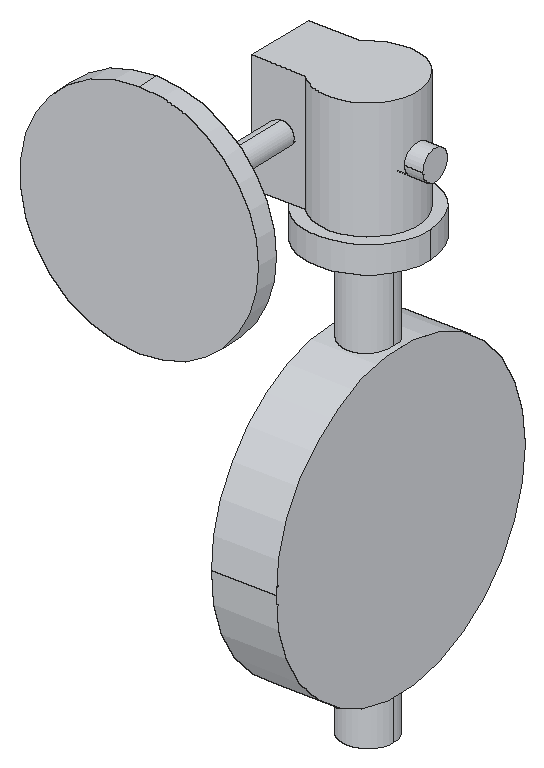
Revit family "HS497-67_disk-litina-převodové kolo DN250-RFA_2018", category Pipe Accessories, Revit 2018
Family settings
  Round Connector Dimension = Use Diameter
  Part Type = Valve - Breaks Into
  Work Plane-Based = No
  Always vertical = Yes
  Cut with Voids When Loaded = No
  Shared = No
Parameters (values of type "HS 497-67_DN250_PN16_převodové kolo")
  magiProductId = "5ee9016806664ddfaa2632711f295c"
  magiProductFamilyId = "53cea81e6f374d17b8841d9c72ad77"
  magiPartTypeId = 305
  isMeasuringValve [instance] = no
  ang2D [instance] = 0.00°
  X11 = 88.77 mm
  X1 = 36.77 mm
  W2D = 1000 mm
  VersionID = "2.0/2017.9.26.1/ZETKAMA_497_001"
  Use Minimum Symbol Size [instance] = yes
  URL = "http://www.hydronic.cz"
  Type Comments = "mezipřírubová; litinový disk; PN16; -10~+110°C (krátkodobě +120°C)"
  SW30 = yes
  SW3 = yes
  SW21 = no
  SW20 = no
  SW2 = no
  SW1 = no
  R = 125 mm
  QmdConnectorList = "301;D;302;D"
  Productdata [instance] = ""
  NC = 70 mm
  Model = ""
  Manufacturer = "Hydronic Systems Prague s.r.o."
  MM20 = 36.77 mm
  MC Product Code = "125 250 (litinový disk, s převodovým kolem; DN250; PN16, kvs4555)"
  M41 = 91.5 mm
  M4 = 61 mm
  LHL = 220 mm
  LHH3 = 2.45 mm
  LHH1 = 46.55 mm
  LH1 = 73.333 mm
  L4R__ve = -L4R  # -22.2 mm
  L4R = 22.2 mm
  L42__ve = -L42  # -166.5 mm
  L42 = 166.5 mm
  L41__ve = -L41  # -33.3 mm
  L41 = 33.3 mm
  L2D_Min = 3048 mm
  L2D = 216 mm
  L2 = 34 mm
  L1 = 54.4 mm
  L = 68 mm
  H = 23 mm
  G22 = 11.25 mm
  G2 = 22.5 mm
  G1 = 90 mm
  G = 130 mm
  F = 22 mm
  E44 = 62.5 mm
  E42 = 125 mm
  E4 = 250 mm
  E23 = 4.9 mm
  E22 = 19.6 mm
  E21 = 9.8 mm
  Description = "Mezipřírubová uzavírací klapka s převodovým kolem; litinový disk, DN250; PN16; kvs4555"
  DR2 = 125 mm
  DR = 324 mm
  DD1 = 31.25 mm
  DD = 25 mm
  D = 250 mm
  CAT0 = yes
  B2__ve = -B2  # -85 mm
  B2 = 85 mm
  A2 = 28.25 mm
  A1 = 129.25 mm
Types (43, lengths in mm): name | magiProductId | X11 | X1 | Type Comments | SW30 | SW3 | SW20 | SW2 | SW1 | R | NC | MM20 | MC Product Code | M41 | M4 | LHL | LHH3 | LHH1 | LH1 | L4R__ve | L4R | L42__ve | L42 | L41__ve | L41 | L2 | L1 | L | H | G | F | E44 | E42 | E4 | E23 | E22 | E21 | Description | DR2 | DR | DD1 | DD | D | B2__ve | B2 | A2 | A1
  HS 497-67_DN100_PN16_volné vřeteno | "65d1b245f4f142c78569c0602d5754" | 61.456 | 25.456 | "mezipřírubová; litinový disk; PN16; -10~+110°C (krátkodobě +120°C)" | no | no | no | no | yes | 50 | 50 | 25.456 | "123 100 (litinový disk, s volným vřetenem; DN100; PN16, kvs512)" | 66 | 44 | 220 | 2.45 | 46.55 | 73.333 | -12.8 | 12.8 | -96 | 96 | -19.2 | 19.2 | 26 | 41.6 | 52 | 30 | 90 | 11 | 31.25 | 62.5 | 125 | 4.9 | 19.6 | 9.8 | "Mezipřírubová uzavírací klapka s volným vřetenem; litinový disk, DN100; PN16; kvs512" | 50 | 147 | 15.625 | 12.5 | 100 | -56 | 56 | 16.5 | 98.5
  HS 497-67_DN100_PN16_převodové kolo | "11e91b807e674d428c8e796fcdcfe2" | 61.456 | 25.456 | "mezipřírubová; litinový disk; PN16; -10~+110°C (krátkodobě +120°C)" | yes | yes | no | no | no | 50 | 50 | 25.456 | "125 100 (litinový disk, s převodovým kolem; DN100; PN16, kvs512)" | 65.25 | 43.5 | 220 | 2.45 | 46.55 | 73.333 | -12.8 | 12.8 | -96 | 96 | -19.2 | 19.2 | 26 | 41.6 | 52 | 30 | 90 | 11 | 31.25 | 62.5 | 125 | 4.9 | 19.6 | 9.8 | "Mezipřírubová uzavírací klapka s převodovým kolem; litinový disk, DN100; PN16; kvs512" | 50 | 147 | 15.625 | 12.5 | 100 | -56 | 56 | 16.5 | 98.5
  HS 497-67_DN100_PN16_s pákou | "28172f0b3f4b47b28323ac71cf8749" | 61.456 | 25.456 | "mezipřírubová; litinový disk; PN16; -10~+110°C (krátkodobě +120°C)" | no | no | yes | yes | no | 50 | 50 | 25.456 | "120 100 (litinový disk, s pákou; DN100; PN16, kvs512)" | 66 | 44 | 260 | 3 | 57 | 86.667 | -12.8 | 12.8 | -96 | 96 | -19.2 | 19.2 | 26 | 41.6 | 52 | 30 | 90 | 11 | 31.25 | 62.5 | 125 | 6 | 24 | 12 | "Mezipřírubová uzavírací klapka s pákou; litinový disk, DN100; PN16; kvs512" | 50 | 147 | 15.625 | 12.5 | 100 | -56 | 56 | 16.5 | 98.5
  HS 497-67_DN125_PN16_volné vřeteno | "0d813d910fc14f628bb3c2efbd185c" | 61.456 | 25.456 | "mezipřírubová; litinový disk; PN16; -10~+110°C (krátkodobě +120°C)" | no | no | no | no | yes | 62.5 | 50 | 25.456 | "123 125 (litinový disk, s volným vřetenem; DN125; PN16, kvs872)" | 66 | 44 | 220 | 2.45 | 46.55 | 73.333 | -12.8 | 12.8 | -96 | 96 | -19.2 | 19.2 | 28 | 44.8 | 56 | 33 | 90 | 14 | 31.25 | 62.5 | 125 | 4.9 | 19.6 | 9.8 | "Mezipřírubová uzavírací klapka s volným vřetenem; litinový disk, DN125; PN16; kvs872" | 62.5 | 180 | 15.625 | 12.5 | 125 | -64 | 64 | 18 | 99.5
  HS 497-67_DN125_PN16_převodové kolo | "c56b7c13f372467684996fb1e0e229" | 61.456 | 25.456 | "mezipřírubová; litinový disk; PN16; -10~+110°C (krátkodobě +120°C)" | yes | yes | no | no | no | 62.5 | 50 | 25.456 | "125 125 (litinový disk, s převodovým kolem; DN125; PN16, kvs872)" | 65.25 | 43.5 | 220 | 2.45 | 46.55 | 73.333 | -13.5 | 13.5 | -101.25 | 101.25 | -20.25 | 20.25 | 28 | 44.8 | 56 | 33 | 90 | 14 | 40 | 80 | 160 | 4.9 | 19.6 | 9.8 | "Mezipřírubová uzavírací klapka s převodovým kolem; litinový disk, DN125; PN16; kvs872" | 62.5 | 180 | 20 | 16 | 125 | -64 | 64 | 18 | 99.5
  HS 497-67_DN125_PN16_s pákou | "105993c79a91492399feef7931321a" | 61.456 | 25.456 | "mezipřírubová; litinový disk; PN16; -10~+110°C (krátkodobě +120°C)" | no | no | yes | yes | no | 62.5 | 50 | 25.456 | "120 125 (litinový disk, s pákou; DN125; PN16, kvs872)" | 66 | 44 | 315 | 3.75 | 71.25 | 105 | -12.8 | 12.8 | -96 | 96 | -19.2 | 19.2 | 28 | 44.8 | 56 | 33 | 90 | 14 | 31.25 | 62.5 | 125 | 7.5 | 30 | 15 | "Mezipřírubová uzavírací klapka s pákou; litinový disk, DN125; PN16; kvs872" | 62.5 | 180 | 15.625 | 12.5 | 125 | -64 | 64 | 18 | 99.5
  HS 497-67_DN150_PN16_volné vřeteno | "50c80cb8ab434f55ab7796e5ac1331" | 61.456 | 25.456 | "mezipřírubová; litinový disk; PN16; -10~+110°C (krátkodobě +120°C)" | no | no | no | no | yes | 75 | 50 | 25.456 | "123 150 (litinový disk, s volným vřetenem; DN150; PN16, kvs1347)" | 66 | 44 | 220 | 2.45 | 46.55 | 73.333 | -12.8 | 12.8 | -96 | 96 | -19.2 | 19.2 | 28 | 44.8 | 56 | 33 | 90 | 14 | 31.25 | 62.5 | 125 | 4.9 | 19.6 | 9.8 | "Mezipřírubová uzavírací klapka s volným vřetenem; litinový disk, DN150; PN16; kvs1347" | 75 | 206 | 15.625 | 12.5 | 150 | -58 | 58 | 19.3 | 98.7
  HS 497-67_DN150_PN16_převodové kolo | "d94a1a0cf83b476eb10011b327f709" | 61.456 | 25.456 | "mezipřírubová; litinový disk; PN16; -10~+110°C (krátkodobě +120°C)" | yes | yes | no | no | no | 75 | 50 | 25.456 | "125 150 (litinový disk, s převodovým kolem; DN150; PN16, kvs1347)" | 65.25 | 43.5 | 220 | 2.45 | 46.55 | 73.333 | -13.5 | 13.5 | -101.25 | 101.25 | -20.25 | 20.25 | 28 | 44.8 | 56 | 33 | 90 | 14 | 40 | 80 | 160 | 4.9 | 19.6 | 9.8 | "Mezipřírubová uzavírací klapka s převodovým kolem; litinový disk, DN150; PN16; kvs1347" | 75 | 206 | 20 | 16 | 150 | -58 | 58 | 19.3 | 98.7
  HS 497-67_DN150_PN16_s pákou | "4d2835523fe84828bc50ff0a5a0dfb" | 61.456 | 25.456 | "mezipřírubová; litinový disk; PN16; -10~+110°C (krátkodobě +120°C)" | no | no | yes | yes | no | 75 | 50 | 25.456 | "120 150 (litinový disk, s pákou; DN150; PN16, kvs1347)" | 66 | 44 | 315 | 3.75 | 71.25 | 105 | -12.8 | 12.8 | -96 | 96 | -19.2 | 19.2 | 28 | 44.8 | 56 | 33 | 90 | 14 | 31.25 | 62.5 | 125 | 7.5 | 30 | 15 | "Mezipřírubová uzavírací klapka s pákou; litinový disk, DN150; PN16; kvs1347" | 75 | 206 | 15.625 | 12.5 | 150 | -58 | 58 | 19.3 | 98.7
  HS 497-67_DN200_PN16_volné vřeteno | "5b29029eaeba47139ee1055a4b9201" | 61.456 | 25.456 | "mezipřírubová; litinový disk; PN16; -10~+110°C (krátkodobě +120°C)" | no | no | no | no | yes | 100 | 50 | 25.456 | "123 200 (litinový disk, s volným vřetenem; DN200; PN16, kvs2675)" | 66 | 44 | 220 | 2.45 | 46.55 | 73.333 | -12.8 | 12.8 | -96 | 96 | -19.2 | 19.2 | 30 | 48 | 60 | 33 | 90 | 17 | 31.25 | 62.5 | 125 | 4.9 | 19.6 | 9.8 | "Mezipřírubová uzavírací klapka s volným vřetenem; litinový disk, DN200; PN16; kvs2675" | 100 | 257 | 15.625 | 12.5 | 200 | -70 | 70 | 22.5 | 102.5
  HS 497-67_DN200_PN16_převodové kolo | "b2793cc1fcc44cf2a35062cd67c04f" | 61.456 | 25.456 | "mezipřírubová; litinový disk; PN16; -10~+110°C (krátkodobě +120°C)" | yes | yes | no | no | no | 100 | 57 | 25.456 | "125 200 (litinový disk, s převodovým kolem; DN200; PN16, kvs2675)" | 78.75 | 52.5 | 220 | 2.45 | 46.55 | 73.333 | -15.2 | 15.2 | -114 | 114 | -22.8 | 22.8 | 30 | 48 | 60 | 33 | 90 | 17 | 50 | 100 | 200 | 4.9 | 19.6 | 9.8 | "Mezipřírubová uzavírací klapka s převodovým kolem; litinový disk, DN200; PN16; kvs2675" | 100 | 257 | 25 | 20 | 200 | -70 | 70 | 22.5 | 102.5
  HS 497-67_DN200_PN16_s pákou | "f88d96c7af224537a51e72d7d8fffe" | 61.456 | 25.456 | "mezipřírubová; litinový disk; PN16; -10~+110°C (krátkodobě +120°C)" | no | no | yes | yes | no | 100 | 50 | 25.456 | "120 200 (litinový disk, s pákou; DN200; PN16, kvs2675)" | 66 | 44 | 315 | 3.75 | 71.25 | 105 | -12.8 | 12.8 | -96 | 96 | -19.2 | 19.2 | 30 | 48 | 60 | 33 | 90 | 17 | 31.25 | 62.5 | 125 | 7.5 | 30 | 15 | "Mezipřírubová uzavírací klapka s pákou; litinový disk, DN200; PN16; kvs2675" | 100 | 257 | 15.625 | 12.5 | 200 | -70 | 70 | 22.5 | 102.5
  HS 497-67_DN250_PN16_volné vřeteno | "b662e8305ca2402b9c510e66e6aa55" | 88.77 | 36.77 | "mezipřírubová; litinový disk; PN16; -10~+110°C (krátkodobě +120°C)" | no | no | no | no | yes | 125 | 50 | 36.77 | "123 250 (litinový disk, s volným vřetenem; DN250; PN16, kvs4555)" | 66 | 44 | 220 | 2.45 | 46.55 | 73.333 | -12.8 | 12.8 | -96 | 96 | -19.2 | 19.2 | 34 | 54.4 | 68 | 23 | 130 | 22 | 31.25 | 62.5 | 125 | 4.9 | 19.6 | 9.8 | "Mezipřírubová uzavírací klapka s volným vřetenem; litinový disk, DN250; PN16; kvs4555" | 125 | 324 | 15.625 | 12.5 | 250 | -85 | 85 | 28.25 | 129.25
  HS 497-67_DN250_PN16_převodové kolo | "5ee9016806664ddfaa2632711f295c" | 88.77 | 36.77 | "mezipřírubová; litinový disk; PN16; -10~+110°C (krátkodobě +120°C)" | yes | yes | no | no | no | 125 | 70 | 36.77 | "125 250 (litinový disk, s převodovým kolem; DN250; PN16, kvs4555)" | 91.5 | 61 | 220 | 2.45 | 46.55 | 73.333 | -22.2 | 22.2 | -166.5 | 166.5 | -33.3 | 33.3 | 34 | 54.4 | 68 | 23 | 130 | 22 | 62.5 | 125 | 250 | 4.9 | 19.6 | 9.8 | "Mezipřírubová uzavírací klapka s převodovým kolem; litinový disk, DN250; PN16; kvs4555" | 125 | 324 | 31.25 | 25 | 250 | -85 | 85 | 28.25 | 129.25
  HS 497-67_DN300_PN16_volné vřeteno | "e1886f51ff004380a649519258edf2" | 88.77 | 36.77 | "mezipřírubová; litinový disk; PN16; -10~+110°C (krátkodobě +120°C)" | no | no | no | no | yes | 150 | 50 | 36.77 | "123 300 (litinový disk, s volným vřetenem; DN300; PN16, kvs7037)" | 66 | 44 | 220 | 2.45 | 46.55 | 73.333 | -12.8 | 12.8 | -96 | 96 | -19.2 | 19.2 | 39 | 62.4 | 78 | 23 | 130 | 22 | 31.25 | 62.5 | 125 | 4.9 | 19.6 | 9.8 | "Mezipřírubová uzavírací klapka s volným vřetenem; litinový disk, DN300; PN16; kvs7037" | 150 | 376 | 15.625 | 12.5 | 300 | -90 | 90 | 30.8 | 127.2
  HS 497-67_DN300_PN16_převodové kolo | "6860f094f77d42088fbebc3c97f755" | 88.77 | 36.77 | "mezipřírubová; litinový disk; PN16; -10~+110°C (krátkodobě +120°C)" | yes | yes | no | no | no | 150 | 70 | 36.77 | "125 300 (litinový disk, s převodovým kolem; DN300; PN16, kvs7037)" | 91.5 | 61 | 220 | 2.45 | 46.55 | 73.333 | -22.2 | 22.2 | -166.5 | 166.5 | -33.3 | 33.3 | 39 | 62.4 | 78 | 23 | 130 | 22 | 62.5 | 125 | 250 | 4.9 | 19.6 | 9.8 | "Mezipřírubová uzavírací klapka s převodovým kolem; litinový disk, DN300; PN16; kvs7037" | 150 | 376 | 31.25 | 25 | 300 | -90 | 90 | 30.8 | 127.2
  HS 497-67_DN032_PN16_volné vřeteno | "8c5f65de52aa4067a77564107e31b2" | 61.456 | 25.456 | "mezipřírubová; litinový disk; PN16; -10~+110°C (krátkodobě +120°C)" | no | no | no | no | yes | 16 | 50 | 25.456 | "123 032 (litinový disk, s volným vřetenem; DN32; PN16, kvs78)" | 66 | 44 | 220 | 2.45 | 46.55 | 73.333 | -12.8 | 12.8 | -96 | 96 | -19.2 | 19.2 | 16.5 | 26.4 | 33 | 30 | 90 | 11 | 31.25 | 62.5 | 125 | 4.9 | 19.6 | 9.8 | "Mezipřírubová uzavírací klapka s volným vřetenem; litinový disk, DN32; PN16; kvs78" | 16 | 68 | 15.625 | 12.5 | 32 | -44.2 | 44.2 | 10.25 | 76.25
  HS 497-67_DN032_PN16_převodové kolo | "60aaeffa8b3a4e809ef000e4660060" | 61.456 | 25.456 | "mezipřírubová; litinový disk; PN16; -10~+110°C (krátkodobě +120°C)" | yes | yes | no | no | no | 16 | 50 | 25.456 | "125 032 (litinový disk, s převodovým kolem; DN32; PN16, kvs78)" | 65.25 | 43.5 | 220 | 2.45 | 46.55 | 73.333 | -12.8 | 12.8 | -96 | 96 | -19.2 | 19.2 | 16.5 | 26.4 | 33 | 30 | 90 | 11 | 31.25 | 62.5 | 125 | 4.9 | 19.6 | 9.8 | "Mezipřírubová uzavírací klapka s převodovým kolem; litinový disk, DN32; PN16; kvs78" | 16 | 68 | 15.625 | 12.5 | 32 | -44.2 | 44.2 | 10.25 | 76.25
  HS 497-67_DN032_PN16_s pákou | "9ad8088d610749a1b871aa2aad8007" | 61.456 | 25.456 | "mezipřírubová; litinový disk; PN16; -10~+110°C (krátkodobě +120°C)" | no | no | yes | yes | no | 16 | 50 | 25.456 | "120 032 (litinový disk, s pákou; DN32; PN16, kvs78)" | 66 | 44 | 220 | 2.45 | 46.55 | 73.333 | -12.8 | 12.8 | -96 | 96 | -19.2 | 19.2 | 16.5 | 26.4 | 33 | 30 | 90 | 11 | 31.25 | 62.5 | 125 | 4.9 | 19.6 | 9.8 | "Mezipřírubová uzavírací klapka s pákou; litinový disk, DN32; PN16; kvs78" | 16 | 68 | 15.625 | 12.5 | 32 | -44.2 | 44.2 | 10.25 | 76.25
  HS 497-67_DN350_PN10_volné vřeteno | "72a1e05f22944421b7e9596a877137" | 109.255 | 45.255 | "mezipřírubová; litinový disk; PN10; -10~+110°C (krátkodobě +120°C)" | no | no | no | no | yes | 175 | 50 | 45.255 | "123 350 (litinový disk, s volným vřetenem; DN350; PN10, kvs10165)" | 66 | 44 | 220 | 2.45 | 46.55 | 73.333 | -12.8 | 12.8 | -96 | 96 | -19.2 | 19.2 | 39 | 62.4 | 78 | 31 | 160 | 22 | 31.25 | 62.5 | 125 | 4.9 | 19.6 | 9.8 | "Mezipřírubová uzavírací klapka s volným vřetenem; litinový disk, DN350; PN10; kvs10165" | 175 | 430 | 15.625 | 12.5 | 350 | -88 | 88 | 33.85 | 129.65
  HS 497-67_DN350_PN10_převodové kolo | "a5a01426cb28494ba3afca92f1dace" | 109.255 | 45.255 | "mezipřírubová; litinový disk; PN10; -10~+110°C (krátkodobě +120°C)" | yes | yes | no | no | no | 175 | 70 | 45.255 | "125 350 (litinový disk, s převodovým kolem; DN350; PN10, kvs10165)" | 91.5 | 61 | 220 | 2.45 | 46.55 | 73.333 | -22.2 | 22.2 | -166.5 | 166.5 | -33.3 | 33.3 | 39 | 62.4 | 78 | 31 | 160 | 22 | 62.5 | 125 | 250 | 4.9 | 19.6 | 9.8 | "Mezipřírubová uzavírací klapka s převodovým kolem; litinový disk, DN350; PN10; kvs10165" | 175 | 430 | 31.25 | 25 | 350 | -88 | 88 | 33.85 | 129.65
  HS 497-67_DN400_PN10_volné vřeteno | "c70ebeb927c04ab99b176e257ad0a7" | 109.255 | 45.255 | "mezipřírubová; litinový disk; PN10; -10~+110°C (krátkodobě +120°C)" | no | no | no | no | yes | 200 | 50 | 45.255 | "123 400 (litinový disk, s volným vřetenem; DN400; PN10, kvs13799)" | 66 | 44 | 220 | 2.45 | 46.55 | 73.333 | -12.8 | 12.8 | -96 | 96 | -19.2 | 19.2 | 51 | 81.6 | 102 | 31 | 160 | 27 | 31.25 | 62.5 | 125 | 4.9 | 19.6 | 9.8 | "Mezipřírubová uzavírací klapka s volným vřetenem; litinový disk, DN400; PN10; kvs13799" | 200 | 485 | 15.625 | 12.5 | 400 | -108 | 108 | 38 | 142
  HS 497-67_DN400_PN10_převodové kolo | "cc64a4384dcb41b780d81810f4f293" | 109.255 | 45.255 | "mezipřírubová; litinový disk; PN10; -10~+110°C (krátkodobě +120°C)" | yes | yes | no | no | no | 200 | 72.5 | 45.255 | "125 400 (litinový disk, s převodovým kolem; DN400; PN10, kvs13799)" | 103.5 | 69 | 220 | 2.45 | 46.55 | 73.333 | -27.8 | 27.8 | -208.5 | 208.5 | -41.7 | 41.7 | 51 | 81.6 | 102 | 31 | 160 | 27 | 75 | 150 | 300 | 4.9 | 19.6 | 9.8 | "Mezipřírubová uzavírací klapka s převodovým kolem; litinový disk, DN400; PN10; kvs13799" | 200 | 485 | 37.5 | 30 | 400 | -108 | 108 | 38 | 142
  HS 497-67_DN040_PN16_volné vřeteno | "35f92312390745e88df5b5c325d9ee" | 61.456 | 25.456 | "mezipřírubová; litinový disk; PN16; -10~+110°C (krátkodobě +120°C)" | no | no | no | no | yes | 20 | 50 | 25.456 | "123 040 (litinový disk, s volným vřetenem; DN40; PN16, kvs78)" | 66 | 44 | 220 | 2.45 | 46.55 | 73.333 | -12.8 | 12.8 | -96 | 96 | -19.2 | 19.2 | 16.5 | 26.4 | 33 | 30 | 90 | 11 | 31.25 | 62.5 | 125 | 4.9 | 19.6 | 9.8 | "Mezipřírubová uzavírací klapka s volným vřetenem; litinový disk, DN40; PN16; kvs78" | 20 | 76 | 15.625 | 12.5 | 40 | -36 | 36 | 11 | 79
  HS 497-67_DN040_PN16_převodové kolo | "d88e968eae3445bc9b7b4e6ff35127" | 61.456 | 25.456 | "mezipřírubová; litinový disk; PN16; -10~+110°C (krátkodobě +120°C)" | yes | yes | no | no | no | 20 | 50 | 25.456 | "125 040 (litinový disk, s převodovým kolem; DN40; PN16, kvs78)" | 65.25 | 43.5 | 220 | 2.45 | 46.55 | 73.333 | -12.8 | 12.8 | -96 | 96 | -19.2 | 19.2 | 16.5 | 26.4 | 33 | 30 | 90 | 11 | 31.25 | 62.5 | 125 | 4.9 | 19.6 | 9.8 | "Mezipřírubová uzavírací klapka s převodovým kolem; litinový disk, DN40; PN16; kvs78" | 20 | 76 | 15.625 | 12.5 | 40 | -36 | 36 | 11 | 79
  HS 497-67_DN040_PN16_s pákou | "c1b522ca65b4407a98818f232eaacb" | 61.456 | 25.456 | "mezipřírubová; litinový disk; PN16; -10~+110°C (krátkodobě +120°C)" | no | no | yes | yes | no | 20 | 50 | 25.456 | "120 040 (litinový disk, s pákou; DN40; PN16, kvs78)" | 66 | 44 | 220 | 2.45 | 46.55 | 73.333 | -12.8 | 12.8 | -96 | 96 | -19.2 | 19.2 | 16.5 | 26.4 | 33 | 30 | 90 | 11 | 31.25 | 62.5 | 125 | 4.9 | 19.6 | 9.8 | "Mezipřírubová uzavírací klapka s pákou; litinový disk, DN40; PN16; kvs78" | 20 | 76 | 15.625 | 12.5 | 40 | -36 | 36 | 11 | 79
  HS 497-67_DN450_PN10_volné vřeteno | "a8358bc282f14872b3194e530e590a" | 129.74 | 53.74 | "mezipřírubová; litinový disk; PN10; -10~+110°C (krátkodobě +120°C)" | no | no | no | no | yes | 225 | 50 | 53.74 | "123 450 (litinový disk, s volným vřetenem; DN450; PN10, kvs18514)" | 66 | 44 | 220 | 2.45 | 46.55 | 73.333 | -12.8 | 12.8 | -96 | 96 | -19.2 | 19.2 | 57 | 91.2 | 114 | 38 | 190 | 36 | 31.25 | 62.5 | 125 | 4.9 | 19.6 | 9.8 | "Mezipřírubová uzavírací klapka s volným vřetenem; litinový disk, DN450; PN10; kvs18514" | 225 | 536 | 15.625 | 12.5 | 450 | -115 | 115 | 38.05 | 117.45
  HS 497-67_DN450_PN10_převodové kolo | "cdf2d80f54a9414f9cbe50647c0ebd" | 129.74 | 53.74 | "mezipřírubová; litinový disk; PN10; -10~+110°C (krátkodobě +120°C)" | yes | yes | no | no | no | 225 | 91.5 | 53.74 | "125 450 (litinový disk, s převodovým kolem; DN450; PN10, kvs18514)" | 144.75 | 96.5 | 220 | 2.45 | 46.55 | 73.333 | -32.1 | 32.1 | -240.75 | 240.75 | -48.15 | 48.15 | 57 | 91.2 | 114 | 38 | 190 | 36 | 100 | 200 | 400 | 4.9 | 19.6 | 9.8 | "Mezipřírubová uzavírací klapka s převodovým kolem; litinový disk, DN450; PN10; kvs18514" | 225 | 536 | 50 | 40 | 450 | -115 | 115 | 38.05 | 117.45
  HS 497-67_DN500_PN10_volné vřeteno | "8c396e27bb2743f98f3c762b6517cd" | 143.397 | 59.397 | "mezipřírubová; litinový disk; PN10; -10~+110°C (krátkodobě +120°C)" | no | no | no | no | yes | 250 | 50 | 59.397 | "123 500 (litinový disk, s volným vřetenem; DN500; PN10, kvs23805)" | 66 | 44 | 220 | 2.45 | 46.55 | 73.333 | -12.8 | 12.8 | -96 | 96 | -19.2 | 19.2 | 63.5 | 101.6 | 127 | 38 | 210 | 36 | 31.25 | 62.5 | 125 | 4.9 | 19.6 | 9.8 | "Mezipřírubová uzavírací klapka s volným vřetenem; litinový disk, DN500; PN10; kvs23805" | 250 | 593 | 15.625 | 12.5 | 500 | -130 | 130 | 43.25 | 139.25
  HS 497-67_DN500_PN10_převodové kolo | "7647804f32e94cef828a7034a91a46" | 143.397 | 59.397 | "mezipřírubová; litinový disk; PN10; -10~+110°C (krátkodobě +120°C)" | yes | yes | no | no | no | 250 | 91.5 | 59.397 | "125 500 (litinový disk, s převodovým kolem; DN500; PN10, kvs23805)" | 144.75 | 96.5 | 220 | 2.45 | 46.55 | 73.333 | -32.1 | 32.1 | -240.75 | 240.75 | -48.15 | 48.15 | 63.5 | 101.6 | 127 | 38 | 210 | 36 | 100 | 200 | 400 | 4.9 | 19.6 | 9.8 | "Mezipřírubová uzavírací klapka s převodovým kolem; litinový disk, DN500; PN10; kvs23805" | 250 | 593 | 50 | 40 | 500 | -130 | 130 | 43.25 | 139.25
  HS 497-67_DN050_volné vřeteno | "d71f296ecd6d4adf8f6e5d9853b4e0" | 61.456 | 25.456 | "mezipřírubová; litinový disk; PN16; -10~+110°C (krátkodobě +120°C)" | no | no | no | no | yes | 25 | 50 | 25.456 | "123 050 (litinový disk, s volným vřetenem; DN50; PN16, kvs98)" | 66 | 44 | 220 | 2.45 | 46.55 | 73.333 | -12.8 | 12.8 | -96 | 96 | -19.2 | 19.2 | 21.5 | 34.4 | 43 | 30 | 90 | 11 | 31.25 | 62.5 | 125 | 4.9 | 19.6 | 9.8 | "Mezipřírubová uzavírací klapka s volným vřetenem; litinový disk, DN50; PN16; kvs98" | 25 | 100 | 15.625 | 12.5 | 50 | -36.5 | 36.5 | 12 | 83
  HS 497-67_DN050_PN16_převodové kolo | "2fb080deeaed49c58418b94c1da5a4" | 61.456 | 25.456 | "mezipřírubová; litinový disk; PN16; -10~+110°C (krátkodobě +120°C)" | yes | yes | no | no | no | 25 | 50 | 25.456 | "125 050 (litinový disk, s převodovým kolem; DN50; PN16, kvs98)" | 65.25 | 43.5 | 220 | 2.45 | 46.55 | 73.333 | -12.8 | 12.8 | -96 | 96 | -19.2 | 19.2 | 21.5 | 34.4 | 43 | 30 | 90 | 11 | 31.25 | 62.5 | 125 | 4.9 | 19.6 | 9.8 | "Mezipřírubová uzavírací klapka s převodovým kolem; litinový disk, DN50; PN16; kvs98" | 25 | 100 | 15.625 | 12.5 | 50 | -36.5 | 36.5 | 12 | 83
  HS 497-67_DN050_PN16_s pákou | "dabc632061f94877a994b9b4e68112" | 61.456 | 25.456 | "mezipřírubová; litinový disk; PN16; -10~+110°C (krátkodobě +120°C)" | no | no | yes | yes | no | 25 | 50 | 25.456 | "120 050 (litinový disk, s pákou; DN50; PN16, kvs98)" | 66 | 44 | 220 | 2.45 | 46.55 | 73.333 | -12.8 | 12.8 | -96 | 96 | -19.2 | 19.2 | 21.5 | 34.4 | 43 | 30 | 90 | 11 | 31.25 | 62.5 | 125 | 4.9 | 19.6 | 9.8 | "Mezipřírubová uzavírací klapka s pákou; litinový disk, DN50; PN16; kvs98" | 25 | 100 | 15.625 | 12.5 | 50 | -36.5 | 36.5 | 12 | 83
  HS 497-67_DN600_PN10_volné vřeteno | "99d5892c14664fce81a7c5903f7711" | 143.397 | 59.397 | "mezipřírubová; litinový disk; PN10; -10~+110°C (krátkodobě +120°C)" | no | no | no | no | yes | 300 | 50 | 59.397 | "123 600 (litinový disk, s volným vřetenem; DN600; PN10, kvs36778)" | 66 | 44 | 220 | 2.45 | 46.55 | 73.333 | -12.8 | 12.8 | -96 | 96 | -19.2 | 19.2 | 77 | 123.2 | 154 | 80 | 210 | 60 | 31.25 | 62.5 | 125 | 4.9 | 19.6 | 9.8 | "Mezipřírubová uzavírací klapka s volným vřetenem; litinový disk, DN600; PN10; kvs36788" | 300 | 690 | 15.625 | 12.5 | 600 | -140 | 140 | 49.4 | 144.6
  HS 497-67_DN600_PN10_převodové kolo | "b1e26faab48a4c499f6bb11e7e3002" | 143.397 | 59.397 | "mezipřírubová; litinový disk; PN10; -10~+110°C (krátkodobě +120°C)" | yes | yes | no | no | no | 300 | 140 | 59.397 | "125 600 (litinový disk, s převodovým kolem; DN600; PN10, kvs36778)" | 206.25 | 137.5 | 220 | 2.45 | 46.55 | 73.333 | -40.8 | 40.8 | -306 | 306 | -61.2 | 61.2 | 77 | 123.2 | 154 | 80 | 210 | 60 | 125 | 250 | 500 | 4.9 | 19.6 | 9.8 | "Mezipřírubová uzavírací klapka s převodovým kolem; litinový disk, DN600; PN10; kvs36788" | 300 | 690 | 62.5 | 50 | 600 | -140 | 140 | 49.4 | 144.6
  HS 497-67_DN065_PN16_volné vřeteno | "5e5e208646e34ec29f889baab5d08e" | 61.456 | 25.456 | "mezipřírubová; litinový disk; PN16; -10~+110°C (krátkodobě +120°C)" | no | no | no | no | yes | 32.5 | 50 | 25.456 | "123 065 (litinový disk, s volným vřetenem; DN65; PN16, kvs167)" | 66 | 44 | 220 | 2.45 | 46.55 | 73.333 | -12.8 | 12.8 | -96 | 96 | -19.2 | 19.2 | 23 | 36.8 | 46 | 30 | 90 | 11 | 31.25 | 62.5 | 125 | 4.9 | 19.6 | 9.8 | "Mezipřírubová uzavírací klapka s volným vřetenem; litinový disk, DN65; PN16; kv167" | 32.5 | 108 | 15.625 | 12.5 | 65 | -36.5 | 36.5 | 13.5 | 89
  HS 497-67_DN065_PN16_převodové kolo | "654d74c8d15540b0bfe523d988ccb3" | 61.456 | 25.456 | "mezipřírubová; litinový disk; PN16; -10~+110°C (krátkodobě +120°C)" | yes | yes | no | no | no | 32.5 | 50 | 25.456 | "125 065 (litinový disk, s převodovým kolem; DN65; PN16, kvs167)" | 65.25 | 43.5 | 220 | 2.45 | 46.55 | 73.333 | -12.8 | 12.8 | -96 | 96 | -19.2 | 19.2 | 23 | 36.8 | 46 | 30 | 90 | 11 | 31.25 | 62.5 | 125 | 4.9 | 19.6 | 9.8 | "Mezipřírubová uzavírací klapka s převodovým kolem; litinový disk, DN65; PN16; kvs167" | 32.5 | 108 | 15.625 | 12.5 | 65 | -36.5 | 36.5 | 13.5 | 89
  HS 497-67_DN065_PN16_s pákou | "ebeb4b59db0641caaf6d6635ab37b9" | 61.456 | 25.456 | "mezipřírubová; litinový disk; PN16; -10~+110°C (krátkodobě +120°C)" | no | no | yes | yes | no | 32.5 | 50 | 25.456 | "120 065 (litinový disk, s pákou; DN65; PN16, kvs167)" | 66 | 44 | 220 | 2.45 | 46.55 | 73.333 | -12.8 | 12.8 | -96 | 96 | -19.2 | 19.2 | 23 | 36.8 | 46 | 30 | 90 | 11 | 31.25 | 62.5 | 125 | 4.9 | 19.6 | 9.8 | "Mezipřírubová uzavírací klapka s pákou; litinový disk, DN65; PN16; kvs167" | 32.5 | 108 | 15.625 | 12.5 | 65 | -36.5 | 36.5 | 13.5 | 89
  HS 497-67_DN080_PN16_volné vřeteno | "9e85c75c18654e1185a9c48ed6b00e" | 61.456 | 25.456 | "mezipřírubová; litinový disk; PN16; -10~+110°C (krátkodobě +120°C)" | no | no | no | no | yes | 40 | 50 | 25.456 | "123 080 (litinový disk, s volným vřetenem; DN80; PN16, kvs258)" | 66 | 44 | 220 | 2.45 | 46.55 | 73.333 | -12.8 | 12.8 | -96 | 96 | -19.2 | 19.2 | 23 | 36.8 | 46 | 30 | 90 | 11 | 31.25 | 62.5 | 125 | 4.9 | 19.6 | 9.8 | "Mezipřírubová uzavírací klapka s volným vřetenem; litinový disk, DN80; PN16; kvs258" | 40 | 124 | 15.625 | 12.5 | 80 | -54 | 54 | 14.1 | 86.9
  HS 497-67_DN080_PN16_převodové kolo | "5b3c8238c3d041e68c75b199e7ea46" | 61.456 | 25.456 | "mezipřírubová; litinový disk; PN16; -10~+110°C (krátkodobě +120°C)" | yes | yes | no | no | no | 40 | 50 | 25.456 | "125 080 (litinový disk, s převodovým kolem; DN80; PN16, kvs258)" | 65.25 | 43.5 | 220 | 2.45 | 46.55 | 73.333 | -12.8 | 12.8 | -96 | 96 | -19.2 | 19.2 | 23 | 36.8 | 46 | 30 | 90 | 11 | 31.25 | 62.5 | 125 | 4.9 | 19.6 | 9.8 | "Mezipřírubová uzavírací klapka s převodovým kolem; litinový disk, DN80; PN16; kvs258" | 40 | 124 | 15.625 | 12.5 | 80 | -54 | 54 | 14.1 | 86.9
  HS 497-67_DN080_PN16_s pákou | "e414795fab0f4eccb99bc3572c5477" | 61.456 | 25.456 | "mezipřírubová; litinový disk; PN16; -10~+110°C (krátkodobě +120°C)" | no | no | yes | yes | no | 40 | 50 | 25.456 | "120 080 (litinový disk, s pákou; DN80; PN16, kvs258)" | 66 | 44 | 260 | 3 | 57 | 86.667 | -12.8 | 12.8 | -96 | 96 | -19.2 | 19.2 | 23 | 36.8 | 46 | 30 | 90 | 11 | 31.25 | 62.5 | 125 | 6 | 24 | 12 | "Mezipřírubová uzavírací klapka s pákou; litinový disk, DN80; PN16; kvs258" | 40 | 124 | 15.625 | 12.5 | 80 | -54 | 54 | 14.1 | 86.9
  HS 497-67_DN250_PN16_s pákou | "" | 88.77 | 36.77 | "mezipřírubová; litinový disk; PN16; -10~+110°C (krátkodobě +120°C)" | no | no | yes | yes | no | 125 | 70 | 36.77 | "120 250 (litinový disk, s pákou; DN250; PN16, kvs4555)" | 91.5 | 61 | 220 | 2.45 | 46.55 | 73.333 | -22.2 | 22.2 | -166.5 | 166.5 | -33.3 | 33.3 | 34 | 54.4 | 68 | 23 | 130 | 22 | 62.5 | 125 | 250 | 4.9 | 19.6 | 9.8 | "Mezipřírubová uzavírací klapka s pákou; litinový disk, DN250; PN16; kvs4555" | 125 | 324 | 31.25 | 25 | 250 | -85 | 85 | 28.25 | 129.25
  HS 497-67_DN300_PN16_s pákou | "" | 88.77 | 36.77 | "mezipřírubová; litinový disk; PN16; -10~+110°C (krátkodobě +120°C)" | no | no | yes | yes | no | 150 | 70 | 36.77 | "120 300 (litinový disk, s pákou; DN300; PN16, kvs7037)" | 91.5 | 61 | 220 | 2.45 | 46.55 | 73.333 | -22.2 | 22.2 | -166.5 | 166.5 | -33.3 | 33.3 | 39 | 62.4 | 78 | 23 | 130 | 22 | 62.5 | 125 | 250 | 4.9 | 19.6 | 9.8 | "Mezipřírubová uzavírací klapka s pákou; litinový disk, DN300; PN16; kvs7037" | 150 | 376 | 31.25 | 25 | 300 | -90 | 90 | 30.8 | 127.2
Reference planes
  plane 1 "Center (Front/Back)": y = 0
  plane 2 "XYPLANE": z = 0
  plane 3 "Center (Left/Right)": x = 0
  plane 4 "473": x = -36.77
  plane 5 "472": x = -91.5
  plane 6 "471": y = -36.77
  plane 7 "470": y = 36.77
  plane 8 "469": x = -61
  plane 9 "468": y = -199.8
  plane 10 "467": y = -166.5
  plane 11 "466": z = 345
  plane 12 "465": z = 329.05
  plane 13 "464": y = 145.417
  plane 14 "463": z = 319.25
  plane 15 "462": z = 302.1
  plane 16 "461": z = 311.9
  plane 17 "460": y = 72.083
  plane 18 "459": x = -11.25
  plane 19 "458": x = 11.25
  plane 20 "457": y = -6.25
  plane 21 "456": x = -17.5
  plane 22 "455": x = 17.5
  plane 23 "454": z = 316.8
  plane 24 "453": y = 62.083
  plane 25 "452": y = -11.25
  plane 26 "451": x = -22.5
  plane 27 "450": x = 22.5
  plane 28 "449": z = 297.2
  plane 29 "448": z = 292.3
  plane 30 "447": z = -125
  plane 31 "446": z = 282.5
  plane 32 "445": z = 254.25
  plane 33 "444": z = 125
  plane 34 "443": x = 34
  plane 35 "442": x = -34
  plane 36 "441": z = 0
  plane 37 "440": y = 0
  plane 38 "439": x = 0
  plane 39 "438": z = 331.5
  plane 40 "437": z = 316.8
  plane 41 "436": x = 13.7
  plane 42 "435": x = -13.7
  plane 43 "434": y = 220
Forms (mm)
  Extrusion 1, solid, visible <- "SW3"
    sketch origin (-750, 0, 282.5) x (1, 0, 0) y (0, 1, 0)
      loop
        line (658.5, 36.77) -> (658.5, -36.77) -> (713.23, -36.77)
        arc (713.23, -36.77) -> (802, 0) -> (713.23, 36.77) r 52
        line (713.23, 36.77) -> (658.5, 36.77)
    from 0 to 125 <- "E42"
  Extrusion 2, solid, visible <- "SW30"
    sketch origin (0, -750, 0) x (0, 1, 0) y (0, 0, 1)
      loop
        circle (750, 345) r 15.625
    from 0 to 70 <- "NC"
  Extrusion 3, solid, visible <- "SW30"
    sketch origin (750, -199.8, 0) x (-1, 0, 0) y (0, 0, 1)
      loop
        circle (811, 345) r 125
    from 0 to -22.2 <- "L4R__ve"
  Extrusion 4, solid, visible <- "SW3"
    sketch origin (750, -166.5, 0) x (-1, 0, 0) y (0, 0, 1)
      loop
        circle (811, 345) r 15.625
    from 0 to -33.3 <- "L41__ve"
  Extrusion 5, solid, visible <- "SW30"
    sketch origin (750, 0, 0) x (-1, 0, 0) y (0, 0, 1)
      loop
        circle (811, 345) r 12.5
    from 0 to -166.5 <- "L42__ve"
  Blend 6, solid, visible <- "SW21"
    base sketch origin (750, 72.083, 0) x (-1, 0, 0) y (0, 0, 1)
      loop
        line (761.25, 311.9) -> (738.75, 311.9) -> (738.75, 302.1) -> (761.25, 302.1) -> (761.25, 311.9)
    top sketch origin (750, 72.083, 0) x (-1, 0, 0) y (0, 0, 1)
      loop
        line (761.25, 329.05) -> (738.75, 329.05) -> (738.75, 319.25) -> (761.25, 319.25) -> (761.25, 329.05)
    from 0 to 73.333
  Blend 7, solid, visible <- "SW21"
    base sketch origin (750, 62.083, 0) x (-1, 0, 0) y (0, 0, 1)
      loop
        line (761.25, 316.8) -> (738.75, 316.8) -> (738.75, 297.2) -> (761.25, 297.2) -> (761.25, 316.8)
    top sketch origin (750, 62.083, 0) x (-1, 0, 0) y (0, 0, 1)
      loop
        line (761.25, 311.9) -> (738.75, 311.9) -> (738.75, 302.1) -> (761.25, 302.1) -> (761.25, 311.9)
    from 0 to 10
  Blend 8, solid, visible <- "SW21"
    base sketch origin (-750, 0, 297.2) x (1, 0, 0) y (0, 1, 0)
      loop
        line (772.5, 62.083) -> (727.5, 62.083) -> (727.5, -11.25)
        arc (727.5, -11.25) -> (750, -31.25) -> (772.5, -11.25) r 22.656
        line (772.5, -11.25) -> (772.5, 62.083)
    top sketch origin (-750, 0, 297.2) x (1, 0, 0) y (0, 1, 0)
      loop
        line (767.5, 62.083) -> (732.5, 62.083) -> (732.5, -6.25)
        arc (732.5, -6.25) -> (750, -26.25) -> (767.5, -6.25) r 17.656
        line (767.5, -6.25) -> (767.5, 62.083)
    from 0 to 19.6
  Extrusion 9, solid, visible <- "SW2"
    sketch origin (-750, 0, 292.3) x (1, 0, 0) y (0, 1, 0)
      loop
        circle (750, 0) r 11.25
    from 0 to 4.9 <- "E23"
  Extrusion 10, solid, visible <- "SW2"
    sketch origin (-750, 0, 282.5) x (1, 0, 0) y (0, 1, 0)
      loop
        circle (750, 0) r 45
    from 0 to 9.8 <- "E21"
  Extrusion 11, solid, visible <- "CAT0"
    sketch origin (-750, 0, -125) x (1, 0, 0) y (0, 1, 0)
      loop
        circle (750, 0) r 27.2
    from 0 to -85 <- "B2__ve"
  Extrusion 12, solid, visible <- "CAT0"
    sketch origin (-750, 0, 254.25) x (1, 0, 0) y (0, 1, 0)
      loop
        circle (750, 0) r 65
    from 0 to 28.25 <- "A2"
  Extrusion 13, solid, visible <- "CAT0"
    sketch origin (-750, 0, 125) x (1, 0, 0) y (0, 1, 0)
      loop
        circle (750, 0) r 27.2
    from 0 to 129.25 <- "A1"
  Extrusion 14, solid, visible <- "CAT0"
    sketch origin (-34, -750, 0) x (0, 1, 0) y (0, 0, 1)
      loop
        circle (750, 0) r 162
    from 0 to 68 <- "L"
  Extrusion 15, solid, visible <- "SW1"
    sketch origin (-750, 0, 282.5) x (1, 0, 0) y (0, 1, 0)
      loop
        line (761, 11) -> (739, 11) -> (739, -11) -> (761, -11) -> (761, 11)
    from 0 to 23 <- "H"
  Blend 16, solid, visible <- "SW2"
    base sketch origin (750, 145.417, 0) x (-1, 0, 0) y (0, 0, 1)
      loop
        arc (763.7, 326.5) -> (762.236, 330.036) -> (758.7, 331.5) r 5
        line (758.7, 331.5) -> (741.3, 331.5)
        arc (741.3, 331.5) -> (737.764, 330.036) -> (736.3, 326.5) r 5
        line (736.3, 326.5) -> (736.3, 321.8)
        arc (736.3, 321.8) -> (737.764, 318.264) -> (741.3, 316.8) r 5
        line (741.3, 316.8) -> (758.7, 316.8)
        arc (758.7, 316.8) -> (762.236, 318.264) -> (763.7, 321.8) r 5
        line (763.7, 321.8) -> (763.7, 326.5)
    top sketch origin (750, 145.417, 0) x (-1, 0, 0) y (0, 0, 1)
      loop
        arc (763.7, 326.5) -> (762.236, 330.036) -> (758.7, 331.5) r 5
        line (758.7, 331.5) -> (741.3, 331.5)
        arc (741.3, 331.5) -> (737.764, 330.036) -> (736.3, 326.5) r 5
        line (736.3, 326.5) -> (736.3, 321.8)
        arc (736.3, 321.8) -> (737.764, 318.264) -> (741.3, 316.8) r 5
        line (741.3, 316.8) -> (758.7, 316.8)
        arc (758.7, 316.8) -> (762.236, 318.264) -> (763.7, 321.8) r 5
        line (763.7, 321.8) -> (763.7, 326.5)
    from 0 to 74.583
  Blend 17, solid, visible <- "SW20"
    base sketch origin (750, 145.417, 0) x (-1, 0, 0) y (0, 0, 1)
      loop
        line (763.7, 331.5) -> (736.3, 331.5) -> (736.3, 316.8) -> (763.7, 316.8) -> (763.7, 331.5)
    top sketch origin (750, 145.417, 0) x (-1, 0, 0) y (0, 0, 1)
      loop
        line (761.25, 316.8) -> (738.75, 316.8) -> (738.75, 297.2) -> (761.25, 297.2) -> (761.25, 316.8)
    from 0 to -83.333
  Extrusion 18, solid, visible <- "SW20"
    sketch origin (-750, 0, 297.2) x (1, 0, 0) y (0, 1, 0)
      loop
        line (772.5, 62.083) -> (727.5, 62.083) -> (727.5, -11.25)
        arc (727.5, -11.25) -> (750, -31.25) -> (772.5, -11.25) r 22.656
        line (772.5, -11.25) -> (772.5, 62.083)
    from 0 to 19.6 <- "E22"
  Extrusion 19, solid, not visible
    sketch origin (-34, -750, 0) x (0, 1, 0) y (0, 0, 1)
      loop
        circle (750, 0) r 10
    from 0 to 10
  Extrusion 20, solid, not visible
    sketch origin (34, -750, 0) x (0, 1, 0) y (0, 0, 1)
      loop
        circle (750, 0) r 10
    from 0 to -10
Lines and regions (mm)
  reference lines, not visible
    curve 1: circle (2, 2, 0) r 1 normal (0, 0, 1)
  reference lines
    curve 2: line (-36.77, -36.77, 282.5) -> (-36.77, 36.77, 282.5)
    curve 3: line (-17.5, -6.25, 297.2) -> (17.5, -6.25, 297.2)
    curve 4: line (-22.5, -11.25, 297.2) -> (22.5, -11.25, 297.2)
    curve 5: circle (0, 0, 282.5) r 1 normal (0, 0, 1)
    curve 6: line (-22.5, -11.25, 297.2) -> (22.5, -11.25, 297.2)
Dimensions and locks
  plane 1 "Center (Front/Back)" to curve 1 = 2 mm
  "X1": plane 3 "Center (Left/Right)" to plane 4 "473"
  "M41": plane 3 "Center (Left/Right)" to plane 5 "472"
  "MM20": plane 1 "Center (Front/Back)" to plane 6 "471"
  "MM20": plane 1 "Center (Front/Back)" to plane 7 "470"
  "M4": plane 3 "Center (Left/Right)" to plane 8 "469"
  "L41": plane 10 "467" to plane 9 "468"
  "L42": plane 1 "Center (Front/Back)" to plane 10 "467"
  "E44": plane 31 "446" to plane 11 "466"
  "LHH1": plane 31 "446" to plane 12 "465"
  "LH1": plane 17 "460" to plane 13 "464"
  "E21": plane 12 "465" to plane 14 "463"
  "E21": plane 16 "461" to plane 15 "462"
  "E23": plane 23 "454" to plane 16 "461"
  locked: plane 24 "453" to plane 17 "460" at 10
  "G22": plane 3 "Center (Left/Right)" to plane 18 "459"
  "G22": plane 3 "Center (Left/Right)" to plane 19 "458"
  locked: plane 25 "452" to plane 20 "457" at 5
  locked: plane 26 "451" to plane 21 "456" at 5
  locked: plane 27 "450" to plane 22 "455" at 5
  "E22": plane 28 "449" to plane 23 "454"
  "LH1": plane 25 "452" to plane 24 "453"
  "G22": plane 1 "Center (Front/Back)" to plane 25 "452"
  "G2": plane 3 "Center (Left/Right)" to plane 26 "451"
  "G2": plane 3 "Center (Left/Right)" to plane 27 "450"
  "E23": plane 29 "448" to plane 28 "449"
  "E21": plane 31 "446" to plane 29 "448"
  "R": plane 2 "XYPLANE" to plane 30 "447"
  "A2": plane 32 "445" to plane 31 "446"
  "A1": plane 33 "444" to plane 32 "445"
  "DR2": plane 2 "XYPLANE" to plane 33 "444"
  "L2": plane 3 "Center (Left/Right)" to plane 34 "443"
  "L2": plane 3 "Center (Left/Right)" to plane 35 "442"
  locked: plane 2 "XYPLANE" to plane 36 "441"
  locked: plane 1 "Center (Front/Back)" to plane 37 "440"
  locked: plane 3 "Center (Left/Right)" to plane 38 "439"
  "LHH3": plane 12 "465" to plane 39 "438"
  "LHH3": plane 14 "463" to plane 40 "437"
  "LHH3": plane 19 "458" to plane 41 "436"
  "LHH3": plane 18 "459" to plane 42 "435"
  "LHL": plane 1 "Center (Front/Back)" to plane 43 "434"
  "X11": curve 2 to Extrusion 1 sketch curve
  Extrusion 1 sketch curve to Extrusion 1 sketch curve = 0 mm  (x8)
  Blend 6 sketch curve to Blend 6 sketch curve = 0 mm  (x16)
  Blend 7 sketch curve to Blend 7 sketch curve = 0 mm  (x16)
  Blend 8 sketch curve to Blend 8 sketch curve = 0 mm  (x16)
  equal spacing: Extrusion 15 sketch curve, curve 5, Extrusion 15 sketch curve  (x2)
  "F": Extrusion 15 sketch curve to Extrusion 15 sketch curve  (x2)
  Blend 16 sketch curve to Blend 16 sketch curve = 0 mm  (x32)
  Blend 17 sketch curve to Blend 17 sketch curve = 0 mm  (x16)
  Extrusion 18 sketch curve to Extrusion 18 sketch curve = 0 mm  (x8)
  "DD1": diameter of Extrusion 2 sketch curve
  "E4": diameter of Extrusion 3 sketch curve
  "DD1": diameter of Extrusion 4 sketch curve
  "DD": diameter of Extrusion 5 sketch curve
  "G2": diameter of Extrusion 9 sketch curve
  "G1": diameter of Extrusion 10 sketch curve
  "L1": diameter of Extrusion 11 sketch curve
  "G": diameter of Extrusion 12 sketch curve
  "L1": diameter of Extrusion 13 sketch curve
  "DR": diameter of Extrusion 14 sketch curve
  radius of Blend 16 sketch curve = 5 mm  (x8)
  aligned and locked: level to plane 2 "XYPLANE"
  aligned and locked: Extrusion 1 sketch curve to plane 5 "472"
  aligned and locked: plane 7 "470" to Extrusion 1 sketch curve
  aligned and locked: plane 6 "471" to Extrusion 1 sketch curve
  aligned and locked: plane 5 "472" to Extrusion 1 sketch curve
  aligned and locked: plane 4 "473" to Extrusion 1 sketch curve  (x2)
  aligned and locked: plane 4 "473" to curve 2
  aligned and locked: plane 6 "471" to curve 2
  aligned and locked: plane 7 "470" to curve 2
  aligned and locked: Extrusion 1 sketch curve to plane 7 "470"
  aligned and locked: plane 11 "466" to Extrusion 2 sketch curve
  aligned and locked: plane 37 "440" to Extrusion 2 sketch curve
  aligned and locked: plane 8 "469" to Extrusion 3 sketch curve
  aligned and locked: plane 11 "466" to Extrusion 3 sketch curve
  aligned and locked: plane 8 "469" to Extrusion 4 sketch curve
  aligned and locked: plane 11 "466" to Extrusion 4 sketch curve
  aligned and locked: plane 8 "469" to Extrusion 5 sketch curve
  aligned and locked: plane 11 "466" to Extrusion 5 sketch curve
  aligned and locked: plane 12 "465" to Blend 6 sketch curve  (x2)
  aligned and locked: plane 18 "459" to Blend 6 sketch curve  (x4)
  aligned and locked: plane 19 "458" to Blend 6 sketch curve  (x4)
  aligned and locked: plane 14 "463" to Blend 6 sketch curve  (x2)
  aligned and locked: plane 16 "461" to Blend 6 sketch curve  (x2)
  aligned and locked: plane 15 "462" to Blend 6 sketch curve  (x2)
  aligned and locked: plane 13 "464" to Blend 6
  aligned and locked: plane 16 "461" to Blend 7 sketch curve  (x2)
  aligned and locked: plane 18 "459" to Blend 7 sketch curve  (x4)
  aligned and locked: plane 19 "458" to Blend 7 sketch curve  (x4)
  aligned and locked: plane 15 "462" to Blend 7 sketch curve  (x2)
  aligned and locked: plane 23 "454" to Blend 7 sketch curve  (x2)
  aligned and locked: plane 28 "449" to Blend 7 sketch curve  (x2)
  aligned and locked: plane 17 "460" to Blend 7
  aligned and locked: plane 24 "453" to Blend 8 sketch curve  (x4)
  aligned and locked: plane 22 "455" to Blend 8 sketch curve  (x2)
  aligned and locked: plane 21 "456" to Blend 8 sketch curve
  aligned and locked: plane 20 "457" to Blend 8 sketch curve  (x2)
  aligned and locked: curve 3 to plane 20 "457"
  aligned and locked: plane 21 "456" to curve 3
  aligned and locked: plane 22 "455" to curve 3
  aligned and locked: plane 27 "450" to Blend 8 sketch curve  (x2)
  aligned and locked: plane 26 "451" to Blend 8 sketch curve
  aligned and locked: plane 25 "452" to Blend 8 sketch curve  (x2)
  aligned and locked: curve 4 to plane 25 "452"
  aligned and locked: plane 26 "451" to curve 4
  aligned and locked: plane 27 "450" to curve 4
  aligned and locked: plane 23 "454" to Blend 8
  aligned and locked: plane 37 "440" to Extrusion 9 sketch curve
  aligned and locked: plane 38 "439" to Extrusion 9 sketch curve
  aligned and locked: plane 37 "440" to Extrusion 10 sketch curve
  aligned and locked: plane 38 "439" to Extrusion 10 sketch curve
  aligned and locked: plane 37 "440" to Extrusion 11 sketch curve
  aligned and locked: plane 38 "439" to Extrusion 11 sketch curve
  aligned and locked: plane 37 "440" to Extrusion 12 sketch curve
  aligned and locked: plane 38 "439" to Extrusion 12 sketch curve
  aligned and locked: plane 37 "440" to Extrusion 13 sketch curve
  aligned and locked: plane 38 "439" to Extrusion 13 sketch curve
  aligned and locked: plane 36 "441" to Extrusion 14 sketch curve
  aligned and locked: Extrusion 14 sketch curve to plane 37 "440"
  aligned and locked: plane 37 "440" to curve 5
  aligned and locked: plane 38 "439" to curve 5
  aligned and locked: plane 39 "438" to Blend 16 sketch curve  (x2)
  aligned and locked: plane 41 "436" to Blend 16 sketch curve  (x2)
  aligned and locked: Blend 16 sketch curve to plane 40 "437"  (x2)
  aligned and locked: Blend 16 sketch curve to plane 42 "435"  (x2)
  aligned and locked: plane 43 "434" to Blend 16
  aligned and locked: plane 23 "454" to Blend 17 sketch curve  (x2)
  aligned and locked: plane 18 "459" to Blend 17 sketch curve  (x2)
  aligned and locked: plane 19 "458" to Blend 17 sketch curve  (x2)
  aligned and locked: plane 28 "449" to Blend 17 sketch curve  (x2)
  aligned and locked: plane 39 "438" to Blend 17 sketch curve  (x2)
  aligned and locked: plane 42 "435" to Blend 17 sketch curve  (x2)
  aligned and locked: plane 41 "436" to Blend 17 sketch curve  (x2)
  aligned and locked: plane 40 "437" to Blend 17 sketch curve  (x2)
  aligned and locked: Blend 17 to plane 24 "453"
  aligned and locked: plane 24 "453" to Extrusion 18 sketch curve  (x2)
  aligned and locked: plane 27 "450" to Extrusion 18 sketch curve  (x2)
  aligned and locked: plane 26 "451" to Extrusion 18 sketch curve
  aligned and locked: plane 25 "452" to Extrusion 18 sketch curve  (x2)
  aligned and locked: curve 6 to plane 25 "452"
  aligned and locked: plane 26 "451" to curve 6
  aligned and locked: plane 27 "450" to curve 6
  aligned and locked: plane 36 "441" to Extrusion 19 sketch curve
  aligned and locked: Extrusion 19 sketch curve to plane 37 "440"
  aligned and locked: plane 36 "441" to Extrusion 20 sketch curve
  aligned and locked: Extrusion 20 sketch curve to plane 37 "440"
Automatic sketch dimensions
  Blend 8 sketch curve to plane 20 "457" = 2.344 mm  (x2)
  Extrusion 18 sketch curve to plane 20 "457" = 2.344 mm
  plane 25 "452" to Extrusion 19 sketch curve = 1.25 mm
  plane 25 "452" to Extrusion 20 sketch curve = 1.25 mm
  plane 3 "Center (Left/Right)" to curve 1 = 2 mm
  Extrusion 15 sketch curve to plane 3 "Center (Left/Right)" = 11 mm
  Extrusion 15 sketch curve to plane 20 "457" = 4.75 mm
  radius of curve 5 = 1 mm
  radius of curve 1 = 1 mm
Connectors
  piping at (-34, 0, 0), diameter 250, driven by "D"
    settings: on Extrusion 19, index 1, connector inside diameter 609.6 mm, connector length 0 mm, flow factor 0, pipe flow 0.0 L/s, pressure drop 0.0 Pa, fitting loss kfactor 0, connector angle 0.00°, fixture units 0, engagement length 0 mm, angle of deflection 0.00°, flow configuration 0, flow direction 0, fitting loss method 0, system type 29, joint type 0, gender type 0, connector reference index 2, connector utility 0, adjustable connector no, is connector primary yes, connector description ""
  piping at (34, 0, 0), diameter 250, driven by "D"
    settings: on Extrusion 20, index 2, connector inside diameter 609.6 mm, connector length 0 mm, flow factor 0, pipe flow 0.0 L/s, pressure drop 0.0 Pa, fitting loss kfactor 0, connector angle 0.00°, fixture units 0, engagement length 0 mm, angle of deflection 0.00°, flow configuration 0, flow direction 0, fitting loss method 0, system type 29, joint type 0, gender type 0, connector reference index 1, connector utility 0, adjustable connector no, is connector primary no, connector description ""
